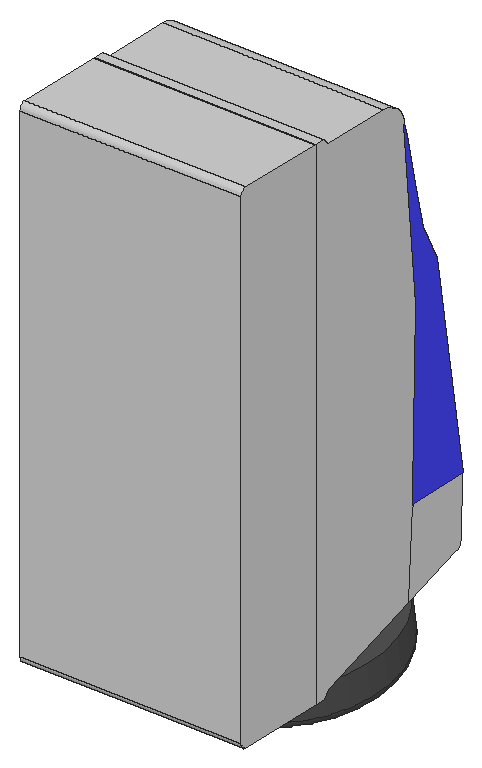
Revit family "Building-IEC309Connections-GEWISS-66IB-INTERLOCKED-SOCKET-OUTLETS-HD_IP66_WITH_BOTTOM", category Apparecchi elettrici, host Muro, Revit 2016
Family settings
  Host = Muro
  Mantenere orientamento annotazione = Sì
  Tipo di parte = Normale
  Quota connettore circolare = Usa diametro
  Numero OmniClass = 23.80.50.14
  Titolo OmniClass = Plug Connectors
  Sempre verticale = Sì
  Taglio con vuoti quando caricato = No
  Condiviso = No
  Punto di calcolo locali = No
Parameters (values of type "GW66534 - I.SOCKET IP66 W.B.3P+N+E 63A 500V 7H DIR")
  Working temperature = "-25 ÷ +40 °C"
  With back-mounting box = "Yes"
  Vista di pianta [instance] = yes
  Vetro = Vetro
  Version file RFA = "18.0"
  URL = "https://www.gewiss.com/ww/en"
  Typology = "Vertical"
  Type of use = "Heavy duty"
  Tipo Simbolo = PRESAINDSTAGNA : 3P
  Thermo-pressure with ball = "80 °C"
  Technical sheet = "https://www.gewiss.com/ww/en/search?q=GW66534"
  Struttura alta = GEWISS - blue
  Struttura = GEWISS - Grigio RAL - 7035
  Simbolo [instance] = yes
  Shock resistance = "> IK10"
  SEO = "Socket outlet"
  Reference h = "7"
  Realized by GEWISS S.p.A. = ""
  Rated voltage = "480-500V"
  Rated frequency (Hz) = "50/60 Hz"
  Rated current (In) = "63"
  Rated current (A) = "63"
  Protection = "NO (SBF)"
  Produttore = "GEWISS S.p.A."
  Presa = GEWISS - NERO
  Potenza = 500 V
  Operating temperature: = "-25 +40 °C"
  Numero poli = 3
  Number of poles = "3P+N+E"
  No. of poles = "3P+N+E"
  Modello = "GW66534"
  Impact resistance at -20 Â°C = "20J"
  Immagine tipo = GW66510.jpg
  IP degree = "IP66"
  IFC.TypeObject = ""
  IFC.ExportType = ""
  IFC.ExportAs = ""
  IDT = "e79c40bb-f29e-4356-bff3-b78c452b600d"
  IDF = "ec9f9705-d0b9-4c2b-942d-16d83de2ab61"
  Glow wire test: = "850 °C"
  Glow Wire Test = "850 °C"
  Frequency = "50/60 Hz"
  Electrocod = "2222"
  EAN code = "8011564098862"
  Distanza orizzontale del simbolo [instance] = 0 mm
  Distanza dal muro [instance] = 0 mm
  Descrizione = "I.SOCKET IP66 W.B.3P+N+E 63A 500V 7H DIR"
  Cornice simbolo [instance] = yes
  Colour: = "Black"
  Colour = "Black"
  Classificazione carico = Altro
  Catalogue Range = "66 IB"
  Catalogue = "BUILDING"
  Carico apparente = 0 VA
  COBie.Tagnumber = ""
  COBie.CreatedOn = ""
  COBie.CreatebBy = ""
  COBie.ComponentRegisterItemID = ""
  COBie.Component.TagNumber = ""
  COBie.Component.Space = ""
  COBie.Component.SerialNumber = ""
  COBie.Component.InstallationDate = ""
  COBie.Component.Description = ""
  COBie.Component.BarCode = ""
  Altezza da terra = 1127.575 mm
Types (34, lengths in mm): name | Tipo Simbolo | Technical sheet | Reference h | Rated voltage | Rated current (In) | Rated current (A) | Presa | Potenza | Numero poli | Number of poles | No. of poles | Modello | Immagine tipo | IDT | EAN code | Descrizione | Colour: | Colour
  GW66501 - I.SOCKET IP66 W.B.2P+E 16A 110V 4H DIR | PRESAINDSTAGNA : 2P | "https://www.gewiss.com/ww/en/search?q=GW66501" | "4" | "100-130V" | "16" | "16" | GEWISS - GIALLO | 110 V | 2 | "2P+E" | "2P+E" | "GW66501" | GW66501.jpg | "b5a7cc95-df77-4ff5-8527-005b95d33681" | "8011564098534" | "I.SOCKET IP66 W.B.2P+E 16A 110V 4H DIR" | "Yellow" | "Yellow"
  GW66502 - I.SOCKET IP66 W.B.3P+E 16A 110V 4H DIR | PRESAINDSTAGNA : 3P | "https://www.gewiss.com/ww/en/search?q=GW66502" | "4" | "100-130V" | "16" | "16" | GEWISS - GIALLO | 110 V | 3 | "3P+E" | "3P+E" | "GW66502" | GW66501.jpg | "1c74bb55-3833-4ad4-b91f-7052b4ab7263" | "8011564098541" | "I.SOCKET IP66 W.B.3P+E 16A 110V 4H DIR" | "Yellow" | "Yellow"
  GW66503 - I.SOCKET IP66 W.B.3P+N+E 16A 110V 4H DIR | PRESAINDSTAGNA : 3P | "https://www.gewiss.com/ww/en/search?q=GW66503" | "4" | "100-130V" | "16" | "16" | GEWISS - GIALLO | 110 V | 3 | "3P+N+E" | "3P+N+E" | "GW66503" | GW66501.jpg | "390a5284-8e6f-42f1-b9fd-21b7774059be" | "8011564098558" | "I.SOCKET IP66 W.B.3P+N+E 16A 110V 4H DIR" | "Yellow" | "Yellow"
  GW66504 - I.SOCKET IP66 W.B.2P+E 16A 230V 6H DIR | PRESAINDSTAGNA : 2P | "https://www.gewiss.com/ww/en/search?q=GW66504" | "6" | "200-250V" | "16" | "16" | GEWISS -BLU | 230 V | 2 | "2P+E" | "2P+E" | "GW66504" | GW66504.jpg | "12358ad0-5f9f-43c9-b743-6c9425d59825" | "8011564098565" | "I.SOCKET IP66 W.B.2P+E 16A 230V 6H DIR" | "Blue" | "Blue"
  GW66505 - I.SOCKET IP66 W.B.3P+E 16A 230V 9H DIR | PRESAINDSTAGNA : 3P | "https://www.gewiss.com/ww/en/search?q=GW66505" | "9" | "200-250V" | "16" | "16" | GEWISS -BLU | 230 V | 3 | "3P+E" | "3P+E" | "GW66505" | GW66504.jpg | "c655916d-f10b-4283-aef2-25af41839ded" | "8011564098572" | "I.SOCKET IP66 W.B.3P+E 16A 230V 9H DIR" | "Blue" | "Blue"
  GW66506 - I.SOCKET IP66 W.B.3P+N+E 16A 230V 9H DIR | PRESAINDSTAGNA : 3P | "https://www.gewiss.com/ww/en/search?q=GW66506" | "9" | "200-250V" | "16" | "16" | GEWISS -BLU | 230 V | 3 | "3P+N+E" | "3P+N+E" | "GW66506" | GW66504.jpg | "3b89cd6e-dad7-415e-9107-7e5d61e26f73" | "8011564098589" | "I.SOCKET IP66 W.B.3P+N+E 16A 230V 9H DIR" | "Blue" | "Blue"
  GW66507 - I.SOCKET IP66 W.B.2P+E 16A 400V 9H DIR | PRESAINDSTAGNA : 2P | "https://www.gewiss.com/ww/en/search?q=GW66507" | "9" | "380-415V" | "16" | "16" | GEWISS - rosso | 400 V | 2 | "2P+E" | "2P+E" | "GW66507" | GW66507.jpg | "6a0360e1-9165-4cb6-a454-975e2d1aaf6f" | "8011564098596" | "I.SOCKET IP66 W.B.2P+E 16A 400V 9H DIR" | "Red" | "Red"
  GW66508 - I.SOCKET IP66 W.B.3P+E 16A 400V 6H DIR | PRESAINDSTAGNA : 3P | "https://www.gewiss.com/ww/en/search?q=GW66508" | "6" | "380-415V" | "16" | "16" | GEWISS - rosso | 400 V | 3 | "3P+E" | "3P+E" | "GW66508" | GW66507.jpg | "3f754058-74e4-4aa2-8f08-2aad00f44759" | "8011564098602" | "I.SOCKET IP66 W.B.3P+E 16A 400V 6H DIR" | "Red" | "Red"
  GW66509 - I.SOCKET IP66 W.B.3P+N+E 16A 400V 6H DIR | PRESAINDSTAGNA : 3P | "https://www.gewiss.com/ww/en/search?q=GW66509" | "6" | "380-415V" | "16" | "16" | GEWISS - rosso | 400 V | 3 | "3P+N+E" | "3P+N+E" | "GW66509" | GW66507.jpg | "68ec4d17-ef6c-472c-9659-94b897ddb50a" | "8011564098619" | "I.SOCKET IP66 W.B.3P+N+E 16A 400V 6H DIR" | "Red" | "Red"
  GW66510 - I.SOCKET IP66 W.B.3P+E 16A 500V 7H DIR | PRESAINDSTAGNA : 3P | "https://www.gewiss.com/ww/en/search?q=GW66510" | "7" | "480-500V" | "16" | "16" | GEWISS - NERO | 500 V | 3 | "3P+E" | "3P+E" | "GW66510" | GW66510.jpg | "183773d2-6f43-4f41-befd-6420d31725ce" | "8011564098626" | "I.SOCKET IP66 W.B.3P+E 16A 500V 7H DIR" | "Black" | "Black"
  GW66511 - I.SOCKET IP66 W.B.3P+N+E 16A 500V 7H DIR | PRESAINDSTAGNA : 3P | "https://www.gewiss.com/ww/en/search?q=GW66511" | "7" | "480-500V" | "16" | "16" | GEWISS - NERO | 500 V | 3 | "3P+N+E" | "3P+N+E" | "GW66511" | GW66510.jpg | "342ef0fc-50ac-4f50-8015-b0ee5710060d" | "8011564098633" | "I.SOCKET IP66 W.B.3P+N+E 16A 500V 7H DIR" | "Black" | "Black"
  GW66512 - I.SOCKET IP66 W.B.2P+E 32A 110V 4H DIR | PRESAINDSTAGNA : 2P | "https://www.gewiss.com/ww/en/search?q=GW66512" | "4" | "100-130V" | "32" | "32" | GEWISS - GIALLO | 110 V | 2 | "2P+E" | "2P+E" | "GW66512" | GW66501.jpg | "d83d5a3b-f030-449e-aa44-85c253a2b952" | "8011564098640" | "I.SOCKET IP66 W.B.2P+E 32A 110V 4H DIR" | "Yellow" | "Yellow"
  GW66513 - I.SOCKET IP66 W.B.3P+E 32A 110V 4H DIR | PRESAINDSTAGNA : 3P | "https://www.gewiss.com/ww/en/search?q=GW66513" | "4" | "100-130V" | "32" | "32" | GEWISS - GIALLO | 110 V | 3 | "3P+E" | "3P+E" | "GW66513" | GW66501.jpg | "68c3b805-3885-4440-ad39-17c37f93f360" | "8011564098657" | "I.SOCKET IP66 W.B.3P+E 32A 110V 4H DIR" | "Yellow" | "Yellow"
  GW66514 - I.SOCKET IP66 W.B.3P+N+E 32A 110V 4H DIR | PRESAINDSTAGNA : 3P | "https://www.gewiss.com/ww/en/search?q=GW66514" | "4" | "100-130V" | "32" | "32" | GEWISS - GIALLO | 110 V | 3 | "3P+N+E" | "3P+N+E" | "GW66514" | GW66501.jpg | "7d5ad263-2a64-42dd-a376-d442871c6d1e" | "8011564098664" | "I.SOCKET IP66 W.B.3P+N+E 32A 110V 4H DIR" | "Yellow" | "Yellow"
  GW66515 - I.SOCKET IP66 W.B.2P+E 32A 230V 6H DIR | PRESAINDSTAGNA : 2P | "https://www.gewiss.com/ww/en/search?q=GW66515" | "6" | "200-250V" | "32" | "32" | GEWISS -BLU | 230 V | 2 | "2P+E" | "2P+E" | "GW66515" | GW66504.jpg | "4ecedf65-0204-40ab-b744-e7ef17c7a30e" | "8011564098671" | "I.SOCKET IP66 W.B.2P+E 32A 230V 6H DIR" | "Blue" | "Blue"
  GW66516 - I.SOCKET IP66 W.B.3P+E 32A 230V 9H DIR | PRESAINDSTAGNA : 3P | "https://www.gewiss.com/ww/en/search?q=GW66516" | "9" | "200-250V" | "32" | "32" | GEWISS -BLU | 230 V | 3 | "3P+E" | "3P+E" | "GW66516" | GW66504.jpg | "fbb26cdb-1a0c-457d-ae42-d614dae52d27" | "8011564098688" | "I.SOCKET IP66 W.B.3P+E 32A 230V 9H DIR" | "Blue" | "Blue"
  GW66517 - I.SOCKET IP66 W.B.3P+N+E 32A 230V 9H DIR | PRESAINDSTAGNA : 3P | "https://www.gewiss.com/ww/en/search?q=GW66517" | "9" | "200-250V" | "32" | "32" | GEWISS -BLU | 230 V | 3 | "3P+N+E" | "3P+N+E" | "GW66517" | GW66504.jpg | "30519f75-dc7c-42a6-903a-bab5442053e2" | "8011564098695" | "I.SOCKET IP66 W.B.3P+N+E 32A 230V 9H DIR" | "Blue" | "Blue"
  GW66518 - I.SOCKET IP66 W.B.2P+E 32A 400V 9H DIR | PRESAINDSTAGNA : 2P | "https://www.gewiss.com/ww/en/search?q=GW66518" | "9" | "380-415V" | "32" | "32" | GEWISS - rosso | 400 V | 2 | "2P+E" | "2P+E" | "GW66518" | GW66507.jpg | "9e3db07f-dc65-48c8-9a73-d73bf515b6c7" | "8011564098701" | "I.SOCKET IP66 W.B.2P+E 32A 400V 9H DIR" | "Red" | "Red"
  GW66519 - I.SOCKET IP66 W.B.3P+E 32A 400V 6H DIR | PRESAINDSTAGNA : 3P | "https://www.gewiss.com/ww/en/search?q=GW66519" | "6" | "380-415V" | "32" | "32" | GEWISS - rosso | 400 V | 3 | "3P+E" | "3P+E" | "GW66519" | GW66507.jpg | "dddd76de-4c93-4f99-b0fd-49814d713695" | "8011564098718" | "I.SOCKET IP66 W.B.3P+E 32A 400V 6H DIR" | "Red" | "Red"
  GW66520 - I.SOCKET IP66 W.B.3P+N+E 32A 400V 6H DIR | PRESAINDSTAGNA : 3P | "https://www.gewiss.com/ww/en/search?q=GW66520" | "6" | "380-415V" | "32" | "32" | GEWISS - rosso | 400 V | 3 | "3P+N+E" | "3P+N+E" | "GW66520" | GW66507.jpg | "8ca028ce-b908-4776-8066-90aa20f67898" | "8011564098725" | "I.SOCKET IP66 W.B.3P+N+E 32A 400V 6H DIR" | "Red" | "Red"
  GW66521 - I.SOCKET IP66 W.B.3P+E 32A 500V 7H DIR | PRESAINDSTAGNA : 3P | "https://www.gewiss.com/ww/en/search?q=GW66521" | "7" | "480-500V" | "32" | "32" | GEWISS - NERO | 500 V | 3 | "3P+E" | "3P+E" | "GW66521" | GW66510.jpg | "6f992c0a-7e4f-47a8-b98c-d2e9c0df969f" | "8011564098732" | "I.SOCKET IP66 W.B.3P+E 32A 500V 7H DIR" | "Black" | "Black"
  GW66522 - I.SOCKET IP66 W.B.3P+N+E 32A 500V 7H DIR | PRESAINDSTAGNA : 3P | "https://www.gewiss.com/ww/en/search?q=GW66522" | "7" | "480-500V" | "32" | "32" | GEWISS - NERO | 500 V | 3 | "3P+N+E" | "3P+N+E" | "GW66522" | GW66510.jpg | "be1d3ef6-ea6a-432f-a1a1-cbf436ebbc7e" | "8011564098749" | "I.SOCKET IP66 W.B.3P+N+E 32A 500V 7H DIR" | "Black" | "Black"
  GW66523 - I.SOCKET IP66 W.B.3P+E 32A 380V 3H DIR | PRESAINDSTAGNA : 3P | "https://www.gewiss.com/ww/en/search?q=GW66523" | "3" | "380-440V" | "32" | "32" | GEWISS - rosso | 400 V | 3 | "3P+E" | "3P+E" | "GW66523" | GW66507.jpg | "5cd3a987-5aed-4ca6-94c0-d1d328b3b81f" | "8011564098756" | "I.SOCKET IP66 W.B.3P+E 32A 380V 3H DIR" | "Red" | "Red"
  GW66524 - I.SOCKET IP66 W.B.2P+E 63A 110V4H DIR | PRESAINDSTAGNA : 2P | "https://www.gewiss.com/ww/en/search?q=GW66524" | "4" | "100-130V" | "63" | "63" | GEWISS - GIALLO | 110 V | 2 | "2P+E" | "2P+E" | "GW66524" | GW66501.jpg | "81f456d2-5733-4386-b697-6f9749774ce4" | "8011564098763" | "I.SOCKET IP66 W.B.2P+E 63A 110V4H DIR" | "Yellow" | "Yellow"
  GW66525 - I.SOCKET IP66 W.B.3P+E 63A 110V 4H DIR | PRESAINDSTAGNA : 3P | "https://www.gewiss.com/ww/en/search?q=GW66525" | "4" | "100-130V" | "63" | "63" | GEWISS - GIALLO | 110 V | 3 | "3P+E" | "3P+E" | "GW66525" | GW66501.jpg | "5289b6f2-9df7-4d22-accd-5864c1ba9dc7" | "8011564098770" | "I.SOCKET IP66 W.B.3P+E 63A 110V 4H DIR" | "Yellow" | "Yellow"
  GW66526 - I.SOCKET IP66 W.B.3P+N+E 63A 110V 4H DIR | PRESAINDSTAGNA : 3P | "https://www.gewiss.com/ww/en/search?q=GW66526" | "4" | "100-130V" | "63" | "63" | GEWISS - GIALLO | 110 V | 3 | "3P+N+E" | "3P+N+E" | "GW66526" | GW66501.jpg | "23677e3e-1c90-4ab9-a981-928d752873ac" | "8011564098787" | "I.SOCKET IP66 W.B.3P+N+E 63A 110V 4H DIR" | "Yellow" | "Yellow"
  GW66527 - I.SOCKET IP66 W.B.2P+E 63A 230V 6H DIR | PRESAINDSTAGNA : 2P | "https://www.gewiss.com/ww/en/search?q=GW66527" | "6" | "200-250V" | "63" | "63" | GEWISS -BLU | 230 V | 2 | "2P+E" | "2P+E" | "GW66527" | GW66504.jpg | "71ba9cab-b86d-4d37-beac-dc980a77de68" | "8011564098794" | "I.SOCKET IP66 W.B.2P+E 63A 230V 6H DIR" | "Blue" | "Blue"
  GW66528 - I.SOCKET IP66 W.B.3P+E 63A 230V 9H DIR | PRESAINDSTAGNA : 3P | "https://www.gewiss.com/ww/en/search?q=GW66528" | "9" | "200-250V" | "63" | "63" | GEWISS -BLU | 230 V | 3 | "3P+E" | "3P+E" | "GW66528" | GW66504.jpg | "1dca8c6b-c896-44b7-9b3f-cafecfbb2566" | "8011564098800" | "I.SOCKET IP66 W.B.3P+E 63A 230V 9H DIR" | "Blue" | "Blue"
  GW66529 - I.SOCKET IP66 W.B.3P+N+E 63A 230V 9H DIR | PRESAINDSTAGNA : 3P | "https://www.gewiss.com/ww/en/search?q=GW66529" | "9" | "200-250V" | "63" | "63" | GEWISS -BLU | 230 V | 3 | "3P+N+E" | "3P+N+E" | "GW66529" | GW66504.jpg | "7ece7135-534a-4754-af71-a170e4849097" | "8011564098817" | "I.SOCKET IP66 W.B.3P+N+E 63A 230V 9H DIR" | "Blue" | "Blue"
  GW66530 - I.SOCKET IP66 W.B.2P+E 63A 400V 9H DIR | PRESAINDSTAGNA : 2P | "https://www.gewiss.com/ww/en/search?q=GW66530" | "9" | "380-415V" | "63" | "63" | GEWISS - rosso | 400 V | 2 | "2P+E" | "2P+E" | "GW66530" | GW66507.jpg | "d2870c36-46f4-42a5-801e-b7095132a806" | "8011564098824" | "I.SOCKET IP66 W.B.2P+E 63A 400V 9H DIR" | "Red" | "Red"
  GW66531 - I.SOCKET IP66 W.B.3P+E 63A 400V 6H DIR | PRESAINDSTAGNA : 3P | "https://www.gewiss.com/ww/en/search?q=GW66531" | "6" | "380-415V" | "63" | "63" | GEWISS - rosso | 400 V | 3 | "3P+E" | "3P+E" | "GW66531" | GW66507.jpg | "1252e112-4c6c-4cc2-8d27-7f280d22cbcb" | "8011564098831" | "I.SOCKET IP66 W.B.3P+E 63A 400V 6H DIR" | "Red" | "Red"
  GW66532 - I.SOCKET IP66 W.B.3P+N+E 63A 400V 6H DIR | PRESAINDSTAGNA : 3P | "https://www.gewiss.com/ww/en/search?q=GW66532" | "6" | "380-415V" | "63" | "63" | GEWISS - rosso | 400 V | 3 | "3P+N+E" | "3P+N+E" | "GW66532" | GW66507.jpg | "683e3e8f-9811-4567-b393-21f2ad845484" | "8011564098848" | "I.SOCKET IP66 W.B.3P+N+E 63A 400V 6H DIR" | "Red" | "Red"
  GW66533 - I.SOCKET IP66 W.B.3P+E 63A 500V 7H DIR | PRESAINDSTAGNA : 3P | "https://www.gewiss.com/ww/en/search?q=GW66533" | "7" | "480-500V" | "63" | "63" | GEWISS - NERO | 500 V | 3 | "3P+E" | "3P+E" | "GW66533" | GW66510.jpg | "56afe4bf-388e-4d5c-bc7c-b857a83ce143" | "8011564098855" | "I.SOCKET IP66 W.B.3P+E 63A 500V 7H DIR" | "Black" | "Black"
  GW66534 - I.SOCKET IP66 W.B.3P+N+E 63A 500V 7H DIR | PRESAINDSTAGNA : 3P | "https://www.gewiss.com/ww/en/search?q=GW66534" | "7" | "480-500V" | "63" | "63" | GEWISS - NERO | 500 V | 3 | "3P+N+E" | "3P+N+E" | "GW66534" | GW66510.jpg | "e79c40bb-f29e-4356-bff3-b78c452b600d" | "8011564098862" | "I.SOCKET IP66 W.B.3P+N+E 63A 500V 7H DIR" | "Black" | "Black"
Reference planes
  plane 1 "Muro": y = 0
  plane 2 "Centro (Sinistra/Destra)": x = 125
  plane 3 "Indietro": y = 75
  plane 4: z = 1127.575
  plane 5: x = 125
Lines and regions (mm)
  Masking region 1, visible <- "Vista di pianta"
    outline origin (0, 0, 0) x (1, 0, 0) y (0, 1, 0)
      loop
        line (196.5, 254) -> (53.5, 254) -> (53.5, 75) -> (196.5, 75) -> (196.5, 254)
  Masking region 2
    outline origin (125, 0, 0.631) x (0, 1, 0) y (0, 0, 1)
      loop
        line (241.289, 1135.561) -> (236.603, 1164.021) -> (161.912, 1138.081) -> (164.412, 1122.902) -> (241.289, 1135.561)
  Masking region 3
    outline origin (125, 0, 0.631) x (0, 1, 0) y (0, 0, 1)
      loop
        line (262.535, 1139.06) -> (133.431, 1117.8) -> (136.68, 1098.066)
        arc (136.68, 1098.066) -> (139.176, 1094.099) -> (143.757, 1093.111) r 6.041
        line (143.757, 1093.111) -> (260.94, 1112.407)
        arc (260.94, 1112.407) -> (264.772, 1114.879) -> (265.784, 1119.325) r 6.041
        line (265.784, 1119.325) -> (262.535, 1139.06)
  Masking region 4
    outline origin (125, 0, -0.039) x (0, 1, 0) y (0, 0, 1)
      loop
        line (135, 1452.614) -> (78.972, 1452.614)
        arc (78.972, 1452.614) -> (76.163, 1451.451) -> (75, 1448.642) r 3.972
        line (75, 1448.642) -> (75, 1131.586)
        arc (75, 1131.586) -> (76.163, 1128.778) -> (78.972, 1127.614) r 3.972
        line (78.972, 1127.614) -> (141.601, 1127.614) -> (144.578, 1131.897) -> (248.816, 1166.935)
        arc (248.816, 1166.935) -> (251.676, 1169.114) -> (252.761, 1172.543) r 5.958
        arc (252.761, 1172.543) -> (253.2, 1191.236) -> (253.163, 1209.935) r 734.65
        line (253.163, 1209.935) -> (254, 1209.951)
        arc (254, 1209.951) -> (242.911, 1296.509) -> (223.277, 1381.537) r 877.164
        line (223.277, 1381.537) -> (206.64, 1434.09)
        arc (206.64, 1434.09) -> (201.442, 1444.475) -> (190.611, 1448.663) r 16.102
        line (190.611, 1448.663) -> (144.931, 1448.663) -> (142.183, 1452.614) -> (135, 1452.614)
Text (mm)
  text "Lato posizionamento" at (-1848.837, 1116.779, 0), in view "Livello rif."
  text "Lato posizionamento" at (0, 1409.804, 2854.306), in view "Sinistra"
  text "Lato posizionamento" at (0, 499.811, 2980.732), in view "Destra"
Dimensions and locks
  locked: plane 3 "Indietro" to host wall
  "Altezza da terra": plane 4 to level
  "Distanza orizzontale del simbolo": plane 5 to plane 2 "Centro (Sinistra/Destra)"
  aligned and locked: plane 1 "Muro" to host wall
  aligned and locked: plane 5 to nested 2
  aligned and locked: nested 1 to host wall
  aligned and locked: Masking region 1 to nested 1  (x3)
Automatic sketch dimensions
  Masking region 1 sketch curve to host wall = 0 mm
  Masking region 1 sketch curve to plane 2 "Centro (Sinistra/Destra)" = 71.5 mm
  plane 2 "Centro (Sinistra/Destra)" to Masking region 1 sketch curve = 71.5 mm
  host wall to Masking region 1 sketch curve = 179 mm
  plane 4 to Masking region 2 sketch curve = 11.137 mm
  host wall to Masking region 2 sketch curve = 86.912 mm
  Masking region 2 sketch curve to plane 4 = 4.042 mm
  Masking region 2 sketch curve to Masking region 2 sketch curve = 2.499 mm
  plane 4 to Masking region 2 sketch curve = 37.078 mm
  Masking region 2 sketch curve to Masking region 2 sketch curve = 74.69 mm
  plane 4 to Masking region 2 sketch curve = 8.618 mm
  Masking region 2 sketch curve to Masking region 2 sketch curve = 4.686 mm
  Masking region 3 sketch curve to plane 4 = 9.143 mm
  host wall to Masking region 3 sketch curve = 58.431 mm
  Masking region 3 sketch curve to plane 4 = 28.877 mm
  Masking region 3 sketch curve to Masking region 3 sketch curve = 3.25 mm
  Masking region 3 sketch curve to Masking region 3 sketch curve = 5.961 mm
  Masking region 3 sketch curve to Masking region 3 sketch curve = 1.116 mm  (x2)
  Masking region 3 sketch curve to plane 4 = 8.6 mm
  Masking region 3 sketch curve to Masking region 3 sketch curve = 117.183 mm
  Masking region 3 sketch curve to plane 4 = 14.537 mm
  Masking region 3 sketch curve to plane 4 = 7.618 mm
  Masking region 3 sketch curve to Masking region 3 sketch curve = 4.955 mm
  Masking region 4 sketch curve to host wall = 0 mm
  Masking region 4 sketch curve to plane 4 = 0 mm
  plane 4 to Masking region 4 sketch curve = 71.527 mm
  host wall to Masking region 4 sketch curve = 406.407 mm
  plane 4 to Masking region 4 sketch curve = 14.294 mm
  Masking region 4 sketch curve to Masking region 4 sketch curve = 139.114 mm
  Masking region 4 sketch curve to Masking region 4 sketch curve = 3.972 mm
  host wall to Masking region 4 sketch curve = 3.972 mm
  Masking region 4 sketch curve to Masking region 4 sketch curve = 56.028 mm
  Masking region 4 sketch curve to Masking region 4 sketch curve = 62.629 mm
  Masking region 4 sketch curve to Masking region 4 sketch curve = 7.183 mm
  plane 4 to Masking region 4 sketch curve = 4.282 mm
  Masking region 4 sketch curve to Masking region 4 sketch curve = 2.977 mm
  Masking region 4 sketch curve to Masking region 4 sketch curve = 2.747 mm
  Masking region 4 sketch curve to Masking region 4 sketch curve = 45.68 mm
  Masking region 4 sketch curve to Masking region 4 sketch curve = 16.029 mm
  Masking region 4 sketch curve to Masking region 4 sketch curve = 16.637 mm
  Masking region 4 sketch curve to Masking region 4 sketch curve = 102.224 mm
  plane 4 to Masking region 4 sketch curve = 39.32 mm
  Masking region 4 sketch curve to Masking region 4 sketch curve = 2.013 mm
  plane 4 to Masking region 4 sketch curve = 82.321 mm
  Masking region 4 sketch curve to Masking region 4 sketch curve = 6.361 mm
  plane 4 to Masking region 4 sketch curve = 82.336 mm
  Masking region 4 sketch curve to Masking region 4 sketch curve = 0.837 mm
  Masking region 4 sketch curve to Masking region 4 sketch curve = 51.024 mm
  Masking region 4 sketch curve to Masking region 4 sketch curve = 1.529 mm
  Masking region 4 sketch curve to Masking region 4 sketch curve = 0.021 mm
Nested families
  nested 1: "IB PRESE INTERBLOC IMP_FONDO_BASE" at (125, 135, 1087.536), type "IB PRESE INTERBLOC IMP_FONDO_BASE"
  nested 2: "PRESAINDSTAGNA" at (125, -9.155, 0), Distanza dal muro <- "Distanza dal muro", BORDO ACCESO <- "Cornice simbolo", SIMBOLO ACCESO <- "Simbolo", type <- "Tipo Simbolo", type "3P"
    with SIMBOLO ACCESO yes, Distanza dal muro 0 mm, BORDO ACCESO yes
  nested 3: "2D - IB PRESE INTERBLOC + DIN" at (125, 0, 1294.45) x (1, 0, 0) z (0, -1, 0), type "BIDIMENSIONALE"
Connectors
  electrical at (125, 107.294, 1127.575), driven by "Numero poli", driven by "Classificazione carico", driven by "Potenza", driven by "Carico apparente"
    settings: on nested 1, index 1, voltage 500 V, apparent load 0 VA, apparent load phase1 0 VA, apparent load phase2 0 VA, apparent load phase3 0 VA, power factor 1, load classification "Altro", number of poles 3, system type 31, power factor state 1, is connector primary yes, connector utility no, sub classification motor no, connector description ""
Definition of nested family "IB PRESE INTERBLOC IMP_FONDO_BASE"
  Parameters (values of type "IB PRESE INTERBLOC IMP_FONDO_BASE")
    Vetrino = none
    Struttura alta = none
    Struttura = none
    Spessore = 160 mm
    Default Elevation = 14 mm
    Presa = none
    Pomello = none
    Lunghezza = 143 mm
    IFC.TypeObject = ""
    IFC.ExportType = ""
    IFC.ExportAs = ""
    H_da terra = 586.883 mm
    COBie.CreatedOn = ""
    COBie.CreatebBy = ""
    COBie.ComponentRegisterItemID = ""
    COBie.Component.TagNumber = ""
    COBie.Component.Space = ""
    COBie.Component.SerialNumber = ""
    COBie.Component.InstallationDate = ""
    COBie.Component.Description = ""
    COBie.Component.BarCode = ""
    Altezza = 424 mm
  Reference planes
    plane 1 "Centro (Fronte/Retro)": y = 0
    plane 2: z = 0
    plane 3 "Centro (Sinistra/Destra)": x = 0
    plane 4: x = -71.5
    plane 5: x = 71.5
    plane 6: x = 53.664
    plane 7: x = -53.5
    plane 8: z = 40.039
    plane 9: y = -60
    plane 10: y = 138.9
    plane 11: z = 361.087
    plane 12: through (4267.2, 77.379, 327.157) normal (0, 0.9626, 0.271)
  Forms (mm)
    Extrusion 1, solid, material <- "Struttura alta"
      sketch origin (0, 0, 0) x (0, 1, 0) y (0, 0, 1)
        loop
          line (78.973, 121.623) -> (119, 122.375)
          arc (119, 122.375) -> (111.124, 189.769) -> (98.062, 256.353) r 877.164
          arc (98.062, 256.353) -> (87.281, 279.295) -> (81.504, 303.977) r 121.298
          line (81.504, 303.977) -> (74.399, 337.778) -> (71.64, 346.515)
          arc (71.64, 346.515) -> (71.695, 345.751) -> (71.713, 344.985) r 16.102
          arc (71.713, 344.985) -> (81.541, 236.86) -> (79.248, 128.313) r 971.977
          arc (79.248, 128.313) -> (79.113, 124.968) -> (78.973, 121.623) r 2289.877
      from -71.5 to 71.5
    Extrusion 2, void
      sketch origin (0, 0, 0) x (0, 1, 0) y (0, 0, 1)
        loop
          line (125.283, 233.172) -> (91.011, 233.172)
          arc (91.011, 233.172) -> (86.745, 231.373) -> (85.055, 227.063) r 5.958
          arc (85.055, 227.063) -> (85.954, 188.702) -> (85.298, 150.336) r 946.965
          arc (85.298, 150.336) -> (88.127, 142.928) -> (95.424, 139.825) r 10.133
          line (95.424, 139.825) -> (139.534, 139.825)
          arc (139.534, 139.825) -> (133.702, 186.696) -> (125.283, 233.172) r 852.241
      from -53.5 to 53.664
    Extrusion 3, solid, material <- "Vetrino"
      sketch origin (0, 0, 0) x (0, 1, 0) y (0, 0, 1)
        loop
          line (102.745, 233.172) -> (91.011, 233.172)
          arc (91.011, 233.172) -> (86.745, 231.373) -> (85.055, 227.063) r 5.958
          arc (85.055, 227.063) -> (85.954, 188.702) -> (85.298, 150.336) r 946.965
          arc (85.298, 150.336) -> (88.127, 142.928) -> (95.424, 139.825) r 10.133
          line (95.424, 139.825) -> (117.422, 139.825)
          arc (117.422, 139.825) -> (111.378, 186.702) -> (102.745, 233.172) r 852.241
      from -53.5 to 53.664
    Extrusion 4, solid, material <- "Struttura"
      sketch origin (0, 0, 0) x (0, 1, 0) y (0, 0, 1)
        loop
          line (75.931, 66.624) -> (113.815, 79.359)
          arc (113.815, 79.359) -> (116.676, 81.538) -> (117.761, 84.967) r 5.958
          arc (117.761, 84.967) -> (118.2, 103.66) -> (118.163, 122.359) r 734.65
          line (118.163, 122.359) -> (78.973, 121.623)
          arc (78.973, 121.623) -> (77.619, 94.115) -> (75.931, 66.624) r 2264.9
      from -71.5 to 71.5
    Extrusion 5, solid, material <- "Struttura"
      sketch origin (0, 0, 0) x (0, 1, 0) y (0, 0, 1)
        loop
          line (107.036, 48.025) -> (102.35, 76.485) -> (27.659, 50.544) -> (30.159, 35.366) -> (107.036, 48.025)
      from -30.773 to 27.325
    Revolve 6, solid, material <- "Presa"
      sketch origin (0, 0, 0) x (0, 1, 0) y (0, 0, 1)
        loop
          line (8.526, 5.322) -> (67.975, 15.111) -> (63.73, 40.894) -> (-0.822, 30.264) -> (2.584, 9.577)
          arc (2.584, 9.577) -> (4.673, 6.218) -> (8.526, 5.322) r 5.164
        axis (63.73, 40.894) -> (67.975, 15.111)
      angle from 0 to 360
    Extrusion 7, void
      sketch origin (0, 0, 0) x (1, 0, 0) y (0, 0, 1)
        loop
          spline (43.694, 295.849) -> (42.205, 306.734) -> (37.84, 316.878) -> (30.897, 325.589) -> (21.847, 332.273) -> (11.309, 336.475) -> (0, 337.908) -> (-11.309, 336.475) -> (-21.847, 332.273) -> (-30.897, 325.589) -> (-37.84, 316.878) -> (-42.205, 306.734) -> (-43.694, 295.849)
          spline (-43.694, 295.849) -> (-42.205, 284.963) -> (-37.84, 274.819) -> (-30.897, 266.108) -> (-21.847, 259.424) -> (-11.309, 255.222) -> (0, 253.789) -> (11.309, 255.222) -> (21.847, 259.424) -> (30.897, 266.108) -> (37.84, 274.819) -> (42.205, 284.963) -> (43.694, 295.849)
      from -122.068 to -79.498
    Extrusion 8, solid, material <- "Pomello"
      sketch origin (0, 82.975, -13.824) x (1, 0, 0) y (0, -0.270999, 0.96258)
        loop
          line (-7.448, 327.416) -> (-7.448, 266.486)
          arc (-7.448, 266.486) -> (-7.072, 265.323) -> (-6.085, 264.6) r 1.986
          arc (-6.085, 264.6) -> (0.003, 263.614) -> (6.09, 264.602) r 19.259
          arc (6.09, 264.602) -> (7.073, 265.325) -> (7.448, 266.486) r 1.986
          line (7.448, 266.486) -> (7.448, 327.416)
          arc (7.448, 327.416) -> (7.073, 328.578) -> (6.09, 329.301) r 1.986
          arc (6.09, 329.301) -> (0, 330.289) -> (-6.09, 329.301) r 19.259
          arc (-6.09, 329.301) -> (-7.073, 328.578) -> (-7.448, 327.416) r 1.986
      from -92.372 to -88.3
    Extrusion 9, solid, material <- "Struttura"
      sketch origin (0, 0, 0) x (0, 1, 0) y (0, 0, 1)
        loop
          line (0, 365.039) -> (-56.028, 365.039)
          arc (-56.028, 365.039) -> (-58.837, 363.875) -> (-60, 361.066) r 3.972
          line (-60, 361.066) -> (-60, 44.011)
          arc (-60, 44.011) -> (-58.837, 41.202) -> (-56.028, 40.039) r 3.972
          line (-56.028, 40.039) -> (0, 40.039) -> (0, 365.039)
      from -71.5 to 71.5
    Extrusion 10, solid, material <- "Struttura"
      sketch origin (0, 0, 0) x (0, 1, 0) y (0, 0, 1)
        loop
          arc (75.931, 66.624) -> (77.679, 96.204) -> (79.051, 125.804) r 2335.614
          arc (79.051, 125.804) -> (81.584, 235.602) -> (71.713, 344.985) r 971.977
          arc (71.713, 344.985) -> (66.997, 356.371) -> (55.611, 361.087) r 16.102
          line (55.611, 361.087) -> (9.931, 361.087) -> (7.183, 365.039) -> (0, 365.039) -> (0, 40.039) -> (7.183, 40.039) -> (10.338, 44.576) -> (75.931, 66.624)
      from -71.5 to 71.5
    Blend 11, solid, material <- "Struttura alta"
      base sketch origin (0, 84.176, -13.214) x (1, 0, 0) y (0, -0.270999, 0.96258)
        loop
          circle (0, 296.951) r 43.694
      top sketch origin (0, 84.176, -13.214) x (1, 0, 0) y (0, -0.270999, 0.96258)
        loop
          circle (0, 296.951) r 34.757
      from -85.697 to -91.051
    Extrusion 12, solid, material <- "Struttura alta"
      sketch origin (0, 83.193, -13.491) x (1, 0, 0) y (0, -0.270999, 0.96258)
        loop
          circle (0, 296.951) r 43.694
      from -86.719 to -75.709
    Extrusion 13, void
      sketch origin (0, 85.341, -13.728) x (1, 0, 0) y (0, -0.275465, 0.961311)
        loop
          circle (0, 296.951) r 34
      from -96.493 to -85.34
    Extrusion 14, solid, material <- "Pomello"
      sketch origin (0, 83.193, -13.491) x (1, 0, 0) y (0, -0.270999, 0.96258)
        loop
          circle (0, 296.951) r 40
      from -88 to -75.709
  Cuts and joins
    Extrusion 2, Extrusion 7 cuts Extrusion 1
    Extrusion 13 cuts Blend 11
    joined: Blend 11, Extrusion 12
    Extrusion 13 cuts Extrusion 9
    Extrusion 13 cuts Extrusion 10
  Dimensions and locks
    equal spacing: plane 5, plane 3 "Centro (Sinistra/Destra)", plane 4
    "Lunghezza": plane 5 to plane 4
    locked: plane 5 to plane 6 at 17.836
    locked: plane 7 to plane 4 at 18
    plane 9 to plane 1 "Centro (Fronte/Retro)" = 60 mm
    plane 1 "Centro (Fronte/Retro)" to plane 10 = 138.9 mm
    aligned and locked: level to plane 2
    aligned and locked: Extrusion 1 to plane 4
    aligned and locked: plane 5 to Extrusion 1
    aligned and locked: Extrusion 3 to plane 7
    aligned and locked: plane 6 to Extrusion 3
    aligned and locked: Extrusion 4 to plane 4
    aligned and locked: plane 5 to Extrusion 4
    aligned and locked: Extrusion 9 sketch curve to plane 9
    aligned and locked: Extrusion 9 sketch curve to plane 1 "Centro (Fronte/Retro)"
    aligned and locked: Extrusion 9 to plane 4
    aligned and locked: plane 5 to Extrusion 9
    aligned and locked: Extrusion 10 to plane 4
    aligned and locked: plane 5 to Extrusion 10
    aligned and locked: plane 12 to Blend 11
    aligned and locked: Extrusion 12 to Blend 11
    aligned and locked: cut or joined group of Blend 11, Extrusion 12, Extrusion 13 to Extrusion 8
    aligned and locked: Extrusion 8 to Extrusion 14
    aligned and locked: cut or joined group of Extrusion 10, Extrusion 13 to Extrusion 9
    aligned and locked: plane 8 to Extrusion 9
  Automatic sketch dimensions
    level to Extrusion 5 sketch curve = 35.366 mm
    Extrusion 5 sketch curve to plane 1 "Centro (Fronte/Retro)" = 27.659 mm
    Extrusion 5 sketch curve to Extrusion 5 sketch curve = 2.499 mm
    Extrusion 5 sketch curve to Extrusion 5 sketch curve = 74.69 mm
    Extrusion 5 sketch curve to Extrusion 5 sketch curve = 4.686 mm
    level to Extrusion 5 sketch curve = 48.025 mm
    Extrusion 5 sketch curve to Extrusion 5 sketch curve = 15.179 mm
    Extrusion 5 sketch curve to Extrusion 5 sketch curve = 28.46 mm
    plane 1 "Centro (Fronte/Retro)" to Revolve 6 sketch curve = 0.822 mm
    Revolve 6 sketch curve to plane 1 "Centro (Fronte/Retro)" = 2.584 mm
    Revolve 6 sketch curve to Revolve 6 sketch curve = 5.095 mm
    level to Revolve 6 sketch curve = 5.322 mm
    Revolve 6 sketch curve to Revolve 6 sketch curve = 0.846 mm
    Revolve 6 sketch curve to plane 1 "Centro (Fronte/Retro)" = 63.73 mm
    level to Revolve 6 sketch curve = 15.111 mm
    Revolve 6 sketch curve to Revolve 6 sketch curve = 4.246 mm
    Revolve 6 sketch curve to Revolve 6 sketch curve = 4.255 mm
    Revolve 6 sketch curve to Revolve 6 sketch curve = 20.687 mm
    Revolve 6 sketch curve to Revolve 6 sketch curve = 0 mm  (x2)
    level to Revolve 6 sketch curve = 12.564 mm
    Revolve 6 sketch curve to Revolve 6 sketch curve = 0.42 mm
    Extrusion 9 sketch curve to Extrusion 9 sketch curve = 3.972 mm
    plane 9 to Extrusion 9 sketch curve = 3.972 mm
    Extrusion 9 sketch curve to plane 8 = 0 mm
    Extrusion 9 sketch curve to Extrusion 9 sketch curve = 317.056 mm
    Extrusion 10 sketch curve to plane 1 "Centro (Fronte/Retro)" = 0 mm
    plane 8 to Extrusion 10 sketch curve = 0 mm
    Extrusion 10 sketch curve to plane 1 "Centro (Fronte/Retro)" = 7.183 mm  (x2)
    Extrusion 10 sketch curve to Extrusion 10 sketch curve = 2.747 mm
    Extrusion 10 sketch curve to plane 8 = 4.538 mm
    Extrusion 10 sketch curve to Extrusion 10 sketch curve = 3.155 mm
    Extrusion 10 sketch curve to plane 8 = 26.586 mm
    Extrusion 10 sketch curve to Extrusion 10 sketch curve = 3.951 mm
    Extrusion 10 sketch curve to Extrusion 10 sketch curve = 45.68 mm
    Extrusion 10 sketch curve to Extrusion 10 sketch curve = 0 mm
    Extrusion 10 sketch curve to Extrusion 10 sketch curve = 16.102 mm
    Extrusion 10 sketch curve to plane 8 = 163.038 mm
    Extrusion 10 sketch curve to plane 8 = 179.157 mm
    Extrusion 10 sketch curve to plane 9 = 829.849 mm
    Extrusion 10 sketch curve to Extrusion 10 sketch curve = 65.593 mm
    Extrusion 10 sketch curve to Extrusion 10 sketch curve = 278.361 mm
    Extrusion 10 sketch curve to Extrusion 10 sketch curve = 3.121 mm
    Extrusion 4 sketch curve to plane 8 = 26.586 mm
    Extrusion 4 sketch curve to Extrusion 4 sketch curve = 3.042 mm
    Extrusion 4 sketch curve to Extrusion 4 sketch curve = 2.012 mm
    Extrusion 4 sketch curve to Extrusion 4 sketch curve = 5.608 mm
    Extrusion 4 sketch curve to plane 8 = 71.527 mm
    Extrusion 4 sketch curve to Extrusion 4 sketch curve = 0.402 mm
    Extrusion 4 sketch curve to Extrusion 4 sketch curve = 12.734 mm
    Extrusion 4 sketch curve to plane 8 = 179.157 mm
    Extrusion 3 sketch curve to plane 8 = 145.66 mm
    plane 10 to Extrusion 3 sketch curve = 43.476 mm
    Extrusion 3 sketch curve to Extrusion 3 sketch curve = 10.133 mm
    Extrusion 3 sketch curve to Extrusion 3 sketch curve = 5.958 mm
    Extrusion 3 sketch curve to Extrusion 3 sketch curve = 10.126 mm
    Extrusion 3 sketch curve to Extrusion 3 sketch curve = 11.734 mm
    plane 10 to Extrusion 3 sketch curve = 21.479 mm
    Extrusion 3 sketch curve to plane 8 = 14.294 mm
    Extrusion 3 sketch curve to Extrusion 3 sketch curve = 130.486 mm
    Extrusion 3 sketch curve to Extrusion 3 sketch curve = 5.713 mm
    level to Extrusion 3 sketch curve = 139.825 mm
    Extrusion 3 sketch curve to Extrusion 3 sketch curve = 76.877 mm
    Extrusion 2 sketch curve to plane 8 = 145.66 mm
    plane 10 to Extrusion 2 sketch curve = 47.889 mm
    plane 10 to Extrusion 2 sketch curve = 43.476 mm
    Extrusion 2 sketch curve to plane 8 = 109.919 mm
    Extrusion 2 sketch curve to Extrusion 2 sketch curve = 10.133 mm
    Extrusion 2 sketch curve to Extrusion 2 sketch curve = 77.255 mm
    Extrusion 2 sketch curve to Extrusion 2 sketch curve = 5.958 mm
    Extrusion 2 sketch curve to Extrusion 2 sketch curve = 10.126 mm
    Extrusion 2 sketch curve to Extrusion 2 sketch curve = 34.272 mm
    Extrusion 2 sketch curve to plane 10 = 0.634 mm
    Extrusion 2 sketch curve to plane 8 = 18.04 mm
    Extrusion 2 sketch curve to Extrusion 2 sketch curve = 152.229 mm
    Extrusion 1 sketch curve to plane 8 = 14.294 mm
    Extrusion 1 sketch curve to plane 9 = 695.521 mm
    plane 10 to Extrusion 1 sketch curve = 19.9 mm
    Extrusion 1 sketch curve to plane 1 "Centro (Fronte/Retro)" = 78.973 mm
    plane 10 to Extrusion 1 sketch curve = 40.838 mm
    Extrusion 1 sketch curve to Extrusion 1 sketch curve = 0.752 mm
    Extrusion 1 sketch curve to Extrusion 1 sketch curve = 134.328 mm
    Extrusion 1 sketch curve to plane 11 = 141.892 mm
    Extrusion 1 sketch curve to Extrusion 1 sketch curve = 1318.975 mm
    Extrusion 1 sketch curve to plane 11 = 158.01 mm
    Extrusion 1 sketch curve to plane 11 = 16.102 mm
    plane 10 to Extrusion 1 sketch curve = 67.187 mm
    Extrusion 1 sketch curve to plane 8 = 81.585 mm
    Extrusion 1 sketch curve to Extrusion 1 sketch curve = 0.073 mm
    Extrusion 1 sketch curve to plane 11 = 14.572 mm
    Extrusion 1 sketch curve to Extrusion 1 sketch curve = 16.029 mm
    plane 1 "Centro (Fronte/Retro)" to Extrusion 4 sketch curve = 616.407 mm
    Extrusion 4 sketch curve to plane 1 "Centro (Fronte/Retro)" = 75.931 mm
    plane 10 to Extrusion 4 sketch curve = 27.098 mm
    Extrusion 4 sketch curve to Extrusion 4 sketch curve = 1567.417 mm
    Extrusion 1 sketch curve to plane 11 = 41.957 mm
    Extrusion 1 sketch curve to plane 10 = 62.951 mm
    Extrusion 1 sketch curve to plane 11 = 23.262 mm
    Extrusion 1 sketch curve to Extrusion 1 sketch curve = 2.678 mm
    Extrusion 1 sketch curve to plane 11 = 23.309 mm
    Extrusion 1 sketch curve to Extrusion 1 sketch curve = 0.008 mm
    Extrusion 1 sketch curve to plane 11 = 57.11 mm
    Blend 11 sketch curve to plane 3 "Centro (Sinistra/Destra)" = 0 mm  (x2)
    Extrusion 7 sketch curve to plane 3 "Centro (Sinistra/Destra)" = 0 mm
    plane 7 to Extrusion 7 sketch curve = 9.806 mm
    Extrusion 7 sketch curve to plane 11 = 65.239 mm
    Extrusion 12 sketch curve to plane 3 "Centro (Sinistra/Destra)" = 0 mm
    Extrusion 13 sketch curve to plane 3 "Centro (Sinistra/Destra)" = 0 mm
    Extrusion 14 sketch curve to plane 3 "Centro (Sinistra/Destra)" = 0 mm
    Extrusion 8 sketch curve to plane 3 "Centro (Sinistra/Destra)" = 7.448 mm
    Extrusion 8 sketch curve to Extrusion 8 sketch curve = 1.986 mm  (x3)
    Extrusion 8 sketch curve to plane 3 "Centro (Sinistra/Destra)" = 0.001 mm
    plane 3 "Centro (Sinistra/Destra)" to Extrusion 8 sketch curve = 0 mm
    plane 3 "Centro (Sinistra/Destra)" to Extrusion 8 sketch curve = 5.462 mm  (x2)
    Extrusion 8 sketch curve to Extrusion 8 sketch curve = 0 mm  (x3)
    Extrusion 8 sketch curve to Extrusion 8 sketch curve = 16.387 mm  (x2)
    Extrusion 8 sketch curve to Extrusion 8 sketch curve = 28.157 mm
    Extrusion 8 sketch curve to Extrusion 8 sketch curve = 0.628 mm
    radius of Blend 11 sketch curve = 43.694 mm
    radius of Blend 11 sketch curve = 34.757 mm
    radius of Extrusion 12 sketch curve = 43.694 mm
    radius of Extrusion 13 sketch curve = 34 mm
    radius of Extrusion 14 sketch curve = 40 mm
Definition of nested family "PRESAINDSTAGNA"
  Parameters (values of type "3P")
    SIMBOLO ACCESO [instance] = yes
    SIMBOLO = PRESAINDSTAGNA_BASE : 3P
    Distanza dal muro [instance] = 0 mm
    BORDO ACCESO [instance] = yes
  Types (2, lengths in mm): name | SIMBOLO
    2P | PRESAINDSTAGNA_BASE : 2P
    3P | PRESAINDSTAGNA_BASE : 3P
  Reference planes
    plane 1: y = 0
    plane 2: x = 0
  Dimensions and locks
    "Distanza dal muro": plane 1 to nested 1
    aligned and locked: plane 2 to nested 1
  Nested families
    nested 1: "PRESAINDSTAGNA_BASE" at (0, 0, 0), type <- "SIMBOLO", CORNICE SIMBOLO <- "BORDO ACCESO", visible <- "SIMBOLO ACCESO", type "3P"
  Definition of nested family "PRESAINDSTAGNA_BASE"
    Parameters (values of type "3P")
      CORNICE SIMBOLO [instance] = yes
      3P = yes
    Types (2, lengths in mm): name | 3P
      3P | yes
      2P | no
    Reference planes
      plane 1: y = 0
      plane 2: x = 0
    Lines and regions (mm)
      detail lines, not visible
        curve 1: line (-2.443, 10.208, 0) -> (2.057, 10.208, 0)
        curve 2: line (2.057, 10.208, 0) -> (2.057, 4.208, 0)
        curve 3: line (2.057, 4.208, 0) -> (-2.443, 4.208, 0)
        curve 4: line (-2.443, 4.208, 0) -> (-2.443, 10.208, 0)
        curve 5: line (-2.043, 9.808, 0) -> (1.657, 9.808, 0)
        curve 6: line (1.657, 9.808, 0) -> (1.657, 4.608, 0)
        curve 7: line (1.657, 4.608, 0) -> (-2.043, 4.608, 0)
        curve 8: line (-2.043, 4.608, 0) -> (-2.043, 9.808, 0)
      detail lines
        curve 9: line (-0.333, 0.928, 0) -> (-0.05, 0.928, 0)
        curve 10: line (-0.05, 0.928, 0) -> (0.417, 1.737, 0)
        curve 11: line (0.417, 1.737, 0) -> (0.764, 1.537, 0)
        curve 12: line (-0.05, 0.928, 0) -> (-0.333, 0.437, 0)
        curve 13: line (-0.333, 0.437, 0) -> (-0.333, 2.059, 0)
        curve 14: line (0.222, 1.399, 0) -> (0.569, 1.199, 0)
        curve 15: line (-0.723, 0.437, 0) -> (0.057, 0.437, 0)
        curve 16: line (-0.333, 0.81, 0) -> (-0.216, 0.928, 0)
        curve 17: line (-0.333, 0.741, 0) -> (-0.147, 0.928, 0)
        curve 18: line (-0.333, 0.672, 0) -> (-0.078, 0.928, 0)
        curve 19: line (-0.333, 0.603, 0) -> (-0.106, 0.831, 0)
        curve 20: line (-0.333, 0.534, 0) -> (-0.2, 0.668, 0)
        curve 22: arc (-0.723, 0.047, 0) -> (-0.333, 0.437, 0) -> (0.057, 0.047, 0) r 0.39
        curve 23: line (-0.8, 2.1, 0) -> (0.8, 2.1, 0)
        curve 24: line (-0.8, 0, 0) -> (-0.8, 2.1, 0)
        curve 25: line (0.8, 0, 0) -> (-0.8, 0, 0)
        curve 26: line (0.8, 2.1, 0) -> (0.8, 0, 0)
      detail lines, visible <- "3P"
        curve 21: line (0.028, 1.061, 0) -> (0.374, 0.861, 0)
Definition of nested family "2D - IB PRESE INTERBLOC + DIN"
  Reference planes
    plane 1 "Centro (Fronte/Retro)": y = 0
    plane 2: z = 0
    plane 3 "Centro (Sinistra/Destra)": x = 0
  Lines and regions (mm)
    model lines, in view "Livello rif."
      curve 1: arc (46.673, -67.157, 0) -> (53.695, -64.248, 0) -> (56.604, -57.226, 0) r 9.931
      curve 2: arc (-56.604, -57.226, 0) -> (-53.695, -64.248, 0) -> (-46.673, -67.157, 0) r 9.931
      curve 3: arc (-49.363, -246.741, 0) -> (-48.408, -248.747, 0) -> (-46.248, -249.268, 0) r 2.582
      curve 4: arc (-27.191, -243.754, 0) -> (-26.36, -245.651, 0) -> (-24.404, -246.328, 0) r 2.582
      curve 5: arc (52.105, -250.726, 0) -> (54.383, -250.319, 0) -> (55.42, -248.251, 0) r 2.582
      curve 6: arc (-46.673, 26.19, 0) -> (-53.695, 23.282, 0) -> (-56.604, 16.26, 0) r 9.931
      curve 7: arc (56.604, 16.26, 0) -> (53.695, 23.282, 0) -> (46.673, 26.19, 0) r 9.931
      curve 8: circle (-51.357, -74.894, 0) r 4.965 normal (0, 0, 1)
      curve 9: circle (51.357, -74.894, 0) r 4.965 normal (0, 0, 1)
      curve 10: line (-61.569, 156.071, 0) -> (-61.569, -82.88, 0)
      curve 11: line (-61.569, -82.88, 0) -> (61.569, -82.88, 0)
      curve 12: line (61.569, -82.88, 0) -> (61.569, 156.071, 0)
      curve 13: line (46.673, -67.157, 0) -> (-46.673, -67.157, 0)
      curve 14: line (-61.321, -256.67, 0) -> (-61.321, -230.851, 0)
      curve 15: line (-49.363, -246.741, 0) -> (-49.363, -231.22, 0)
      curve 16: line (-27.191, -243.754, 0) -> (-27.191, -227.804, 0)
      curve 17: line (17.155, -245.847, 0) -> (17.155, -227.085, 0)
      curve 18: line (5.353, -245.44, 0) -> (5.353, -226.678, 0)
      curve 19: line (61.321, -256.67, 0) -> (61.321, -230.851, 0)
      curve 20: line (55.42, -248.251, 0) -> (55.42, -233.083, 0)
      curve 21: line (46.673, 26.19, 0) -> (-46.673, 26.19, 0)
      curve 22: line (-56.604, -57.226, 0) -> (-56.604, 16.26, 0)
      curve 23: line (56.604, -57.226, 0) -> (56.604, 16.26, 0)
      curve 24: circle (0, 88.564, 0) r 43.694 normal (0, 0, 1)
      curve 25: circle (0, 88.564, 0) r 34.757 normal (0, 0, 1)
      curve 26: arc (-61.569, -225.985, 0) -> (-60.987, -227.39, 0) -> (-59.583, -227.971, 0) r 1.986
      curve 27: arc (-39.722, -192.307, 0) -> (-42.53, -193.471, 0) -> (-43.694, -196.279, 0) r 3.972
      curve 28: arc (59.584, -227.971, 0) -> (60.988, -227.39, 0) -> (61.57, -225.985, 0) r 1.986
      curve 29: arc (43.695, -196.27, 0) -> (42.528, -193.467, 0) -> (39.723, -192.307, 0) r 3.972
      curve 30: arc (-6.085, 56.213, 0) -> (0.004, 55.227, 0) -> (6.093, 56.216, 0) r 19.259
      curve 31: arc (-7.448, 58.099, 0) -> (-7.072, 56.936, 0) -> (-6.085, 56.213, 0) r 1.986
      curve 32: arc (6.09, 56.215, 0) -> (7.073, 56.938, 0) -> (7.448, 58.099, 0) r 1.986
      curve 33: arc (6.09, 120.914, 0) -> (0, 121.902, 0) -> (-6.09, 120.914, 0) r 19.259
      curve 34: arc (-6.09, 120.914, 0) -> (-7.073, 120.191, 0) -> (-7.448, 119.03, 0) r 1.986
      curve 35: arc (7.448, 119.03, 0) -> (7.073, 120.191, 0) -> (6.09, 120.914, 0) r 1.986
      curve 36: arc (-59.583, 158.057, 0) -> (-60.988, 157.476, 0) -> (-61.569, 156.071, 0) r 1.986
      curve 37: arc (61.569, 156.071, 0) -> (60.988, 157.476, 0) -> (59.583, 158.057, 0) r 1.986
      curve 38: arc (60.428, -193.047, 0) -> (0, -184.811, 0) -> (-60.427, -193.047, 0) r 225.798
      curve 39: line (-71.5, -225.59, 0) -> (-71.5, 155.676, 0)
      curve 40: line (-71.5, 155.676, 0) -> (-61.569, 155.676, 0)
      curve 41: line (-7.448, 119.03, 0) -> (-7.448, 58.099, 0)
      curve 42: line (7.448, 119.03, 0) -> (7.448, 58.099, 0)
      curve 43: line (39.723, -192.307, 0) -> (-39.722, -192.307, 0)
      curve 44: line (-51.638, -124.894, 0) -> (-51.638, -148.727, 0)
      curve 45: line (-51.638, -148.727, 0) -> (51.639, -148.727, 0)
      curve 46: line (51.639, -148.727, 0) -> (51.639, -124.894, 0)
      curve 47: line (51.639, -124.894, 0) -> (-51.638, -124.894, 0)
      curve 48: line (-43.694, -196.279, 0) -> (-43.694, -228.776, 0)
      curve 49: line (-60.427, -193.047, 0) -> (-61.569, -225.59, 0)
      curve 50: line (-61.569, -225.59, 0) -> (-71.5, -225.59, 0)
      curve 51: line (60.428, -193.047, 0) -> (61.569, -225.579, 0)
      curve 52: line (61.569, -225.579, 0) -> (61.569, -84.464, 0)
      curve 53: line (61.569, -84.464, 0) -> (-61.569, -84.464, 0)
      curve 54: line (-61.569, -84.464, 0) -> (-61.569, -217.39, 0)
      curve 55: line (43.695, -228.776, 0) -> (43.695, -196.27, 0)
      curve 56: line (71.5, -225.59, 0) -> (61.57, -225.59, 0)
      curve 57: line (59.583, 158.057, 0) -> (-59.583, 158.057, 0)
      curve 58: line (71.5, -225.59, 0) -> (71.5, 155.676, 0)
      curve 59: line (71.5, 155.676, 0) -> (61.569, 155.676, 0)
    detail lines, in view "Livello rif."
      curve 60: arc (-61.321, -256.67, 0) -> (0, -245.357, 0) -> (61.321, -256.67, 0) r 171.845
      curve 61: line (61.321, -256.67, 0) -> (-61.321, -256.67, 0)
      curve 62: arc (-61.321, -230.851, 0) -> (0, -226.646, 0) -> (61.321, -230.851, 0) r 449.262
